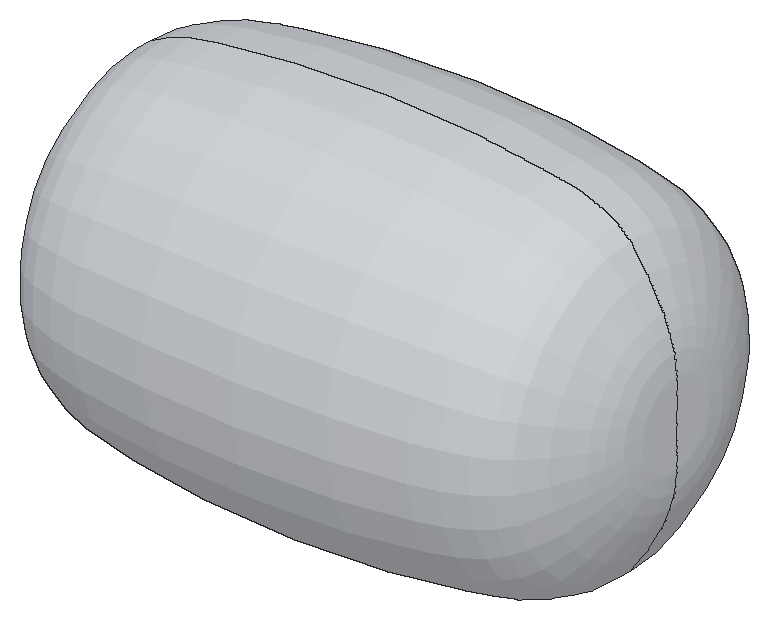
Revit family "FF012", category Furniture Systems, Revit 2019
Family settings
  Round Connector Dimension = Use Diameter
  Part Type = Normal
  Work Plane-Based = No
  Always vertical = Yes
  Cut with Voids When Loaded = No
  Shared = No
  Room Calculation Point = No
Parameters
  URL = "https://fomcore.com/"
  Model = "FF012"
  Manufacturer = "FOMCORE"
  Fom Fabric = none
  Description = "Fōm Filled - 6' Fōm Bean Bag"
Reference planes (in)
  plane 1 "Center F/B": y = 0
  plane 2: z = 0
  plane 3 "Center L/R": x = 0
  plane 4: x = -36
  plane 5: y = 23.5
  plane 6: y = -23.5
  plane 7: x = 36
Forms (in)
  Revolve 1, solid
    sketch origin (0, 0, 0) x (1, 0, 0) y (0, 0, 1)
      loop
        line (-36, 23.63539) -> (36.00001, 23.63539)
        spline (36.00001, 23.63539) -> (35.50486, 32.10776) -> (31.66393, 40.08764) -> (26.11043, 44.49942) -> (18.09223, 46.28515) -> (9.3127, 47.07966) -> (-0.0263, 47.31359) -> (-9.25114, 47.04892) -> (-18.06449, 46.22097) -> (-26.14731, 44.46779) -> (-31.67706, 40.07855) -> (-35.50959, 32.08277) -> (-36, 23.63539)
      axis (-36, 23.63539) -> (36.00001, 23.63539)
    angle from 0 to 360
Dimensions and locks (in)
  plane 4 to plane 7 = 6' - 0"
  plane 6 to plane 5 = 3' - 11"
  aligned and locked: level to plane 2
